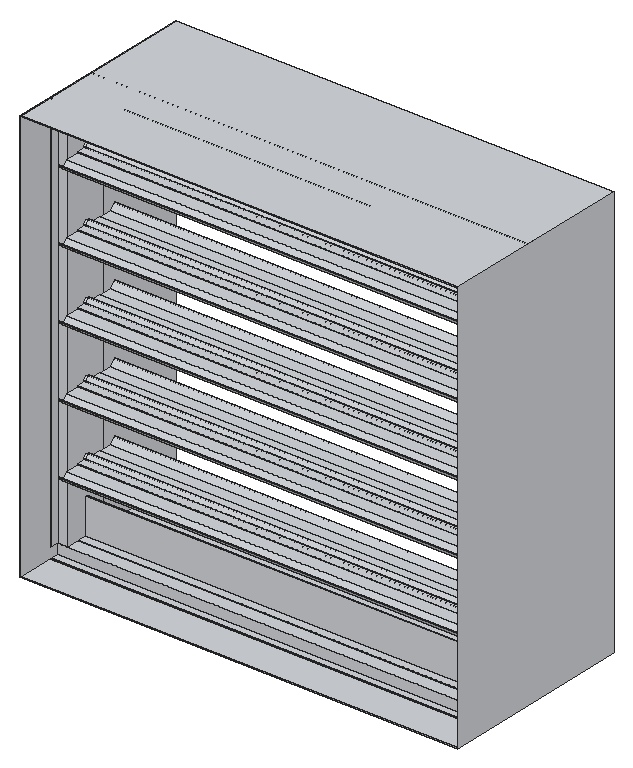
Revit family "S-3V-I, S-3V-II", category Mechanical Equipment, Revit 2015
Parameters
  URL = "http://unitedenertech.com/catalog/pdf/C-1%20%20S-3V-I.pdf"
  Type Comments = "Max. Single Section Size is (36\"w x 48\"h)"
  Model = "S-3V-I, S-3V-II"
  Manufacturer = "United Enertech Corporation"
  Keynote = "FSLF-120 Actuator Shown In the Air Stream, Consult Factory for Out of the Air Stream Placement in Models. See Website for Correct Actuator for Damper Size."
  Exact Width = 3' - 0"
  Exact Height = 2' - 10"
  Description = "Low Leakage Smoke Damper"
  Depth = 1' - 4"
  Blade Spacing = 0' - 5 3/4"
  Blade Number [instance] = rounddown((Exact Height - 0' 3") / Blade Spacing)  # 5
  BW [instance] = Exact Width - 0' 2 1/2"  # 2' - 9 1/2"
Reference planes (in)
  plane 1 "Center (Front/Back)": y = 0
  plane 2: z = 0
  plane 3 "Center (Left/Right)": x = 0
  plane 4: z = 34
  plane 5: x = -18
  plane 6: x = 18
  plane 7: z = 0.0359
  plane 8: z = 33.9641
  plane 9: x = -17.9641
  plane 10: x = 17.9641
  plane 11: y = 13
  plane 12: y = -3
  plane 13: y = 5
  plane 14: z = 0.9348
  plane 15: z = 33.0293
  plane 16: x = -17.0293
  plane 17: x = 17.0293
  plane 18: z = 30.27732
  plane 19: y = 4.3098
  plane 20: z = 32.5
  plane 21: z = 21.4428
  plane 22: z = 30.24218
  plane 23: z = 29.78895
  plane 24: z = 30.97045
Forms (in)
  Extrusion 1, solid
    sketch origin (0, 0, 0) x (1, 0, 0) y (0, 0, 1)
      loop
        line (-17.9641, 33.9641) -> (-17.9641, 0.0359) -> (17.9641, 0.0359) -> (17.9641, 33.9641) -> (-17.9641, 33.9641)
      loop
        line (-18, 34) -> (-18, 0) -> (18, 0) -> (18, 34) -> (-18, 34)
    from -13 to 3
  Extrusion 2, solid
    sketch origin (23.93472, -8.11588, 0) x (1, 0, 0) y (0, 1, 0)
      loop
        line (-41.83902, 8.11588) -> (-41.83902, 8.17568) -> (-41.83902, 8.80608) -> (-40.96402, 8.80608) -> (-40.96402, 12.42568) -> (-41.83902, 12.42568) -> (-41.83902, 13.05608) -> (-41.83902, 13.11588) -> (-41.89882, 13.11588) -> (-41.89882, 12.36588) -> (-41.02382, 12.36588) -> (-41.02382, 8.86588) -> (-41.89882, 8.86588) -> (-41.89882, 8.11588) -> (-41.83902, 8.11588)
    from 0.9348 to 33.0293
  Extrusion 3, solid
    sketch origin (31.96104, -8.11588, 36.89882) x (0, 0, 1) y (0, 1, 0)
      loop
        line (-36.83902, 8.17568) -> (-36.83902, 8.80608) -> (-35.96402, 8.80608) -> (-35.96402, 12.42568) -> (-36.83902, 12.42568) -> (-36.83902, 13.05608) -> (-36.83902, 13.11588) -> (-36.89882, 13.11588) -> (-36.89882, 12.36588) -> (-36.02382, 12.36588) -> (-36.02382, 8.86588) -> (-36.89882, 8.86588) -> (-36.89882, 8.11588) -> (-36.83902, 8.11588) -> (-36.83902, 8.17568)
    from 13.99694 to 49.92514
  Extrusion 4, solid
    sketch origin (26.89178, -38.52709, 32.33205) x (0, -1, 0) y (0, 0, -1)
      loop
        line (-41.02709, -0.19725) -> (-41.02709, -0.69725) -> (-40.27709, -0.69725) -> (-40.27709, -0.61625) -> (-40.94609, -0.61625) -> (-40.94609, -0.19725) -> (-41.02709, -0.19725)
    from -43.92108 to -9.86248
  Extrusion 5, solid
    sketch origin (62.39247, 5.64851, 0.33329) x (0, 1, 0) y (0, 0, 1)
      loop
        line (-3.14851, 3.60151) -> (-3.22663, 3.60151) -> (-3.22663, 0.67964) -> (-3.89851, 0.67964) -> (-3.89851, 0.60151) -> (-3.14851, 0.60151) -> (-3.14851, 3.60151)
    from -79.42177 to -45.36317
  Extrusion 6, solid
    sketch origin (-23.93472, -8.11588, 0) x (-1, 0, 0) y (0, -1, 0)
      loop
        line (-41.83902, -8.11588) -> (-41.89882, -8.11588) -> (-41.89882, -8.86588) -> (-41.02382, -8.86588) -> (-41.02382, -12.36588) -> (-41.89882, -12.36588) -> (-41.89882, -13.11588) -> (-41.83902, -13.11588) -> (-41.83902, -13.05608) -> (-41.83902, -12.42568) -> (-40.96402, -12.42568) -> (-40.96402, -8.80608) -> (-41.83902, -8.80608) -> (-41.83902, -8.17568) -> (-41.83902, -8.11588)
    from 0.9348 to 33.0293
  Extrusion 7, solid
    sketch origin (31.96104, -8.11588, 11.06528) x (0, 0, -1) y (0, -1, 0)
      loop
        line (-22.83902, -8.17568) -> (-22.83902, -8.11588) -> (-22.89882, -8.11588) -> (-22.89882, -8.86588) -> (-22.02382, -8.86588) -> (-22.02382, -12.36588) -> (-22.89882, -12.36588) -> (-22.89882, -13.11588) -> (-22.83902, -13.11588) -> (-22.83902, -13.05608) -> (-22.83902, -12.42568) -> (-21.96402, -12.42568) -> (-21.96402, -8.80608) -> (-22.83902, -8.80608) -> (-22.83902, -8.17568)
    from 13.99694 to 49.92514
  Extrusion 8, solid
    sketch origin (0, 0, 0) x (0, 1, 0) y (0, 0, 1)
      loop
        line (7.9528, 30.24218) -> (7.6668, 30.24218)
        arc (7.6668, 30.24218) -> (7.8098, 29.71875) -> (7.9528, 30.24218) r 0.28125
    from -17.9641 to 17.9641
Dimensions and locks (in)
  "Exact Height": plane 4 to level
  equal spacing: plane 5, plane 3 "Center (Left/Right)", plane 6
  "Exact Width": plane 5 to plane 6
  locked: plane 7 to level at 0.0359
  locked: plane 4 to plane 8 at 0.0359
  locked: plane 5 to plane 9 at 0.0359
  locked: plane 10 to plane 6 at 0.0359
  locked: plane 1 "Center (Front/Back)" to plane 12 at 3
  "Depth": plane 11 to plane 12
  locked: plane 1 "Center (Front/Back)" to plane 13 at 5
  locked: plane 14 to level at 0.9348
  locked: plane 8 to plane 15 at 0.9348
  locked: plane 16 to plane 9 at 0.9348
  locked: plane 10 to plane 17 at 0.9348
  locked: plane 4 to plane 18 at 3.72268
  locked: plane 13 to plane 19 at 0.6902
  locked: plane 4 to plane 20 at 1.5
  locked: plane 4 to plane 21 at 12.5572
  locked: plane 4 to plane 22 at 3.75782
  locked: plane 4 to plane 23 at 4.21105
  equal spacing: group 2, group 3, group 4, group 5, group 6  (x2)
  equal spacing: group 6, group 5, group 4, group 3, group 2
  "Blade Spacing": nested 4 to nested 5
  locked: plane 4 to plane 24 at 3.02955
  aligned and locked: level to plane 2
  aligned and locked: Extrusion 1 sketch curve to plane 4
  aligned and locked: level to Extrusion 1 sketch curve
  aligned and locked: Extrusion 1 sketch curve to plane 5
  aligned and locked: Extrusion 1 sketch curve to plane 6
  aligned and locked: Extrusion 1 sketch curve to plane 8
  aligned and locked: plane 7 to Extrusion 1 sketch curve
  aligned and locked: plane 10 to Extrusion 1 sketch curve
  aligned and locked: plane 9 to Extrusion 1 sketch curve
  aligned and locked: plane 11 to Extrusion 1
  aligned and locked: Extrusion 1 to plane 12
  aligned and locked: Extrusion 2 to plane 9
  aligned and locked: Extrusion 6 to plane 10
  aligned and locked: Extrusion 3 to plane 9
  aligned and locked: Extrusion 3 to plane 10
  aligned and locked: Extrusion 6 to plane 14
  aligned and locked: Extrusion 2 to plane 14
  aligned and locked: plane 8 to Extrusion 7
  aligned and locked: plane 15 to Extrusion 6
  aligned and locked: plane 15 to Extrusion 2
  aligned and locked: Extrusion 7 to plane 9
  aligned and locked: Extrusion 7 to plane 10
  aligned and locked: Extrusion 5 to plane 16
  aligned and locked: plane 17 to Extrusion 5
  aligned and locked: Extrusion 7 to plane 15
  aligned and locked: plane 15 to Extrusion 4
  aligned and locked: Extrusion 4 to plane 16
  aligned and locked: plane 17 to Extrusion 4
  aligned and locked: nested 2 to plane 10
  aligned and locked: plane 9 to nested 3
  aligned and locked: nested 3 to plane 19
  aligned and locked: plane 19 to nested 2
  aligned and locked: Extrusion 8 to plane 10
  aligned and locked: Extrusion 8 to plane 9
  aligned and locked: nested 3 to plane 20
  aligned and locked: plane 20 to nested 2
  aligned and locked: plane 22 to Extrusion 8
  aligned and locked: nested 4 to plane 23
  aligned and locked: nested 4 to plane 3 "Center (Left/Right)"
  aligned and locked: plane 17 to nested 6
  aligned and locked: plane 24 to nested 6
Automatic sketch dimensions
  Extrusion 2 sketch curve to plane 9 = 0' - 0"  (x2)
  plane 1 "Center (Front/Back)" to Extrusion 2 sketch curve = 0' - 0"
  plane 13 to Extrusion 2 sketch curve = 0' - 0"
  plane 9 to Extrusion 2 sketch curve = 0' - 0.0598"  (x2)
  Extrusion 2 sketch curve to Extrusion 2 sketch curve = 0' - 0.8152"
  Extrusion 2 sketch curve to Extrusion 2 sketch curve = 0' - 0.0598"  (x4)
  Extrusion 2 sketch curve to plane 1 "Center (Front/Back)" = 0' - 0.0598"
  Extrusion 2 sketch curve to Extrusion 2 sketch curve = 0' - 0.6304"
  Extrusion 2 sketch curve to Extrusion 2 sketch curve = 0' - 0 3/4"
  Extrusion 3 sketch curve to level = 0' - 0"  (x2)
  Extrusion 3 sketch curve to plane 1 "Center (Front/Back)" = 0' - 0"
  Extrusion 3 sketch curve to plane 13 = 0' - 0"
  Extrusion 3 sketch curve to plane 14 = 0' - 0"
  plane 7 to Extrusion 3 sketch curve = 0' - 0.0239"  (x2)
  Extrusion 3 sketch curve to plane 14 = 0' - 0.0598"
  Extrusion 3 sketch curve to plane 1 "Center (Front/Back)" = 0' - 0.0598"
  Extrusion 3 sketch curve to Extrusion 3 sketch curve = 0' - 0.6304"
  Extrusion 3 sketch curve to Extrusion 3 sketch curve = 0' - 0.0598"  (x2)
  plane 13 to Extrusion 3 sketch curve = 0' - 0 3/4"
  plane 13 to Extrusion 3 sketch curve = 0' - 0.0598"
  Extrusion 4 sketch curve to plane 8 = 0' - 1.4348"
  plane 12 to Extrusion 4 sketch curve = 0' - 5 1/2"
  Extrusion 4 sketch curve to Extrusion 4 sketch curve = 0' - 0.081"  (x2)
  Extrusion 4 sketch curve to Extrusion 4 sketch curve = 0' - 0.669"
  Extrusion 4 sketch curve to Extrusion 4 sketch curve = 0' - 0.419"
  Extrusion 5 sketch curve to plane 14 = 0' - 0"
  plane 14 to Extrusion 5 sketch curve = 0' - 0 5/64"
  plane 12 to Extrusion 5 sketch curve = 0' - 4 3/4"
  Extrusion 5 sketch curve to Extrusion 5 sketch curve = 0' - 0 43/64"
  Extrusion 5 sketch curve to Extrusion 5 sketch curve = 0' - 0 5/64"
  Extrusion 5 sketch curve to Extrusion 5 sketch curve = 0' - 2 59/64"
  Extrusion 6 sketch curve to plane 10 = 0' - 0"  (x2)
  plane 1 "Center (Front/Back)" to Extrusion 6 sketch curve = 0' - 0"
  plane 13 to Extrusion 6 sketch curve = 0' - 0"
  Extrusion 6 sketch curve to plane 10 = 0' - 0.0598"  (x2)
  Extrusion 6 sketch curve to Extrusion 6 sketch curve = 0' - 0.8152"
  Extrusion 6 sketch curve to Extrusion 6 sketch curve = 0' - 0.0598"  (x3)
  plane 1 "Center (Front/Back)" to Extrusion 6 sketch curve = 0' - 0.0598"
  Extrusion 6 sketch curve to Extrusion 6 sketch curve = 0' - 0.6304"
  Extrusion 6 sketch curve to plane 13 = 0' - 0 3/4"
  Extrusion 6 sketch curve to plane 13 = 0' - 0.0598"
  Extrusion 7 sketch curve to plane 1 "Center (Front/Back)" = 0' - 0"
  Extrusion 7 sketch curve to plane 13 = 0' - 0"
  plane 13 to Extrusion 7 sketch curve = 0' - 0 3/4"
  Extrusion 7 sketch curve to plane 8 = 0' - 0"
  Extrusion 7 sketch curve to Extrusion 7 sketch curve = 0' - 0"
  Extrusion 7 sketch curve to Extrusion 7 sketch curve = 0' - 0.0598"  (x6)
  Extrusion 7 sketch curve to Extrusion 7 sketch curve = 0' - 0.8152"
  Extrusion 7 sketch curve to plane 1 "Center (Front/Back)" = 0' - 0 3/4"
  Extrusion 7 sketch curve to plane 1 "Center (Front/Back)" = 0' - 0.0598"
  Extrusion 8 sketch curve to plane 18 = 0' - 0.27732"
  Extrusion 8 sketch curve to plane 13 = 0' - 2.8098"
  Extrusion 8 sketch curve to plane 18 = 0' - 0 9/256"
  Extrusion 8 sketch curve to Extrusion 8 sketch curve = 0' - 0.143"
Nested families (in)
  nested 1: "160BL" at (62.39247, -25.11688, 30.67097), type "160BL", not visible
    with Blade Width 2' - 9 1/2"
  nested 2: "Fire Smoke Actuator Bracket" at (18.23913, 4.3098, 31.56141) x (0, 0, 1) z (0, 1, 0), type "Fire Smoke Actuator Bracket"
  nested 3: "Fire Smoke Actuator Bracket" at (-18.23913, 4.3098, 31.56141) x (0, 0, 1) z (0, 1, 0), type "Fire Smoke Actuator Bracket"
  nested 4: "3VBLADE" at (0, -1.33126, 28.20661), type "3VBLADE"
    with Blade Width 2' - 9 1/2"
  nested 5: "3VBLADE" at (0, -1.33126, 22.45661), type "3VBLADE"
    with Blade Width 2' - 9 1/2"
  nested 6: "FSLF-120" at (14.8204, 12.99816, 22.76305), type "FSLF-120"
  nested 7: "3VBLADE" at (0, -1.33126, 16.70661), type "3VBLADE"
    with Blade Width 2' - 9 1/2"
  nested 8: "3VBLADE" at (0, -1.33126, 10.95661), type "3VBLADE"
    with Blade Width 2' - 9 1/2"
  nested 9: "3VBLADE" at (0, -1.33126, 5.20661), type "3VBLADE"
    with Blade Width 2' - 9 1/2"
Definition of nested family "160BL"
  Parameters (values of type "160BL")
    Blade Width = 2' - 0"
  Reference planes (in)
    plane 1 "Center (Front/Back)": y = 0
    plane 2: z = 0
    plane 3 "Center (Left/Right)": x = 0
    plane 4: x = -12
    plane 5: x = 12
    plane 6: x = 13
    plane 7: x = 10
    plane 8: x = -10
    plane 9: x = -13
  Forms (in)
    Extrusion 1, solid
      sketch origin (-29.66395, -41.88595, -4.51752) x (0, -1, 0) y (0, 0, -1)
        loop
          line (-42.3214, -5.69562) -> (-42.3214, -6.04405) -> (-41.94647, -6.04405) -> (-41.94647, -5.69562) -> (-42.3214, -5.69562)
      from 39.66395 to 42.66395
    Extrusion 2, solid
      sketch origin (-29.66395, -42.01854, -6.8342) x (0, -1, 0) y (0, 0, -1)
        loop
          line (-43.46599, -7.97904) -> (-43.51899, -7.97904) -> (-43.51899, -8.39235) -> (-42.90411, -8.41377) -> (-42.50696, -8.41377) -> (-42.50696, -8.36074) -> (-42.90411, -8.36074) -> (-43.46599, -8.34116) -> (-43.46599, -7.97904)
      from 17.66395 to 41.66395
    Extrusion 3, solid
      sketch origin (-29.66395, -42.01854, -6.8342) x (0, -1, 0) y (0, 0, -1)
        loop
          line (-43.41296, -8.32667) -> (-43.41296, -8.03022) -> (-42.89933, -8.01224) -> (-42.50696, -8.01224) -> (-42.50696, -8.41377) -> (-42.02598, -8.41377) -> (-42.02598, -8.0123) -> (-41.62883, -8.0123) -> (-41.11996, -8.03003) -> (-41.11996, -8.32648) -> (-41.06699, -8.32648) -> (-41.06699, -7.97904) -> (-41.63442, -7.95927) -> (-42.07906, -7.95927) -> (-42.07906, -8.36074) -> (-42.45398, -8.36074) -> (-42.45398, -7.95927) -> (-42.90119, -7.95927) -> (-43.46596, -7.97904) -> (-43.46596, -8.32667) -> (-43.41296, -8.32667)
      from 17.66395 to 41.66395
    Extrusion 4, solid
      sketch origin (-29.66395, -42.01854, -6.8342) x (0, -1, 0) y (0, 0, -1)
        loop
          line (-42.45398, -7.95927) -> (-42.45398, -8.01224) -> (-42.07906, -8.01224) -> (-42.07906, -7.95927) -> (-42.45398, -7.95927)
      from 17.66395 to 41.66395
    Extrusion 5, solid
      sketch origin (-29.66395, -42.01854, -6.8342) x (0, -1, 0) y (0, 0, -1)
        loop
          line (-41.06705, -7.97904) -> (-41.06705, -8.34116) -> (-41.62893, -8.36074) -> (-42.02598, -8.36074) -> (-42.02598, -8.41377) -> (-41.62893, -8.41377) -> (-41.01405, -8.39235) -> (-41.01405, -7.97904) -> (-41.06705, -7.97904)
      from 17.66395 to 41.66395
    Extrusion 6, solid
      sketch origin (-29.66395, -42.01854, -6.8342) x (0, -1, 0) y (0, 0, -1)
        loop
          line (-45.11444, -8.04212) -> (-45.14143, -8.06102) -> (-45.14143, -8.15472) -> (-43.65311, -8.44766) -> (-43.61881, -8.3631) -> (-43.58593, -8.44056) -> (-40.94517, -8.44056) -> (-40.91325, -8.36156) -> (-40.87962, -8.44109) -> (-40.06454, -8.37558) -> (-40.01199, -8.16476) -> (-39.44168, -8.27557) -> (-39.41851, -8.2524) -> (-40.03184, -8.13323) -> (-40.08641, -8.35172) -> (-40.86, -8.41376) -> (-40.88095, -8.33556) -> (-40.94478, -8.33556) -> (-40.96652, -8.41377) -> (-43.56615, -8.41377) -> (-43.58705, -8.33578) -> (-43.65168, -8.33578) -> (-43.67323, -8.41619) -> (-45.11444, -8.13252) -> (-45.11444, -8.04212)
      from 17.66395 to 41.66395
    Extrusion 7, solid
      sketch origin (-29.66395, 42.51351, 9.53877) x (0, 1, 0) y (0, 0, 1)
        loop
          line (-45.11444, -8.04212) -> (-45.14143, -8.06102) -> (-45.14143, -8.15472) -> (-43.65311, -8.44766) -> (-43.61881, -8.3631) -> (-43.58593, -8.44056) -> (-40.94517, -8.44056) -> (-40.91325, -8.36156) -> (-40.87962, -8.44109) -> (-40.06454, -8.37558) -> (-40.01199, -8.16476) -> (-39.44168, -8.27557) -> (-39.41851, -8.2524) -> (-40.03184, -8.13323) -> (-40.08641, -8.35172) -> (-40.86, -8.41376) -> (-40.88095, -8.33556) -> (-40.94478, -8.33556) -> (-40.96652, -8.41377) -> (-43.56615, -8.41377) -> (-43.58705, -8.33578) -> (-43.65168, -8.33578) -> (-43.67323, -8.41619) -> (-45.11444, -8.13252) -> (-45.11444, -8.04212)
      from 17.66395 to 41.66395
    Extrusion 8, solid
      sketch origin (-63.16395, -41.88595, -4.51752) x (0, -1, 0) y (0, 0, -1)
        loop
          line (-42.3214, -5.69562) -> (-42.3214, -6.04405) -> (-41.94647, -6.04405) -> (-41.94647, -5.69562) -> (-42.3214, -5.69562)
      from 50.16395 to 53.16395
  Dimensions and locks (in)
    equal spacing: plane 4, plane 3 "Center (Left/Right)", plane 5
    "Blade Width": plane 4 to plane 5
    locked: plane 7 to plane 5 at 2
    locked: plane 5 to plane 6 at 1
    locked: plane 4 to plane 8 at 2
    locked: plane 9 to plane 4 at 1
    aligned and locked: level to plane 2
    aligned and locked: plane 5 to Extrusion 6
    aligned and locked: plane 5 to Extrusion 7
    aligned and locked: plane 5 to Extrusion 5
    aligned and locked: plane 5 to Extrusion 3
    aligned and locked: plane 5 to Extrusion 2
    aligned and locked: Extrusion 1 to plane 6
    aligned and locked: plane 5 to Extrusion 4
    aligned and locked: plane 7 to Extrusion 1
    aligned and locked: Extrusion 8 to plane 9
    aligned and locked: Extrusion 8 to plane 8
    aligned and locked: plane 4 to Extrusion 6
    aligned and locked: plane 4 to Extrusion 7
    aligned and locked: plane 4 to Extrusion 2
    aligned and locked: plane 4 to Extrusion 3
    aligned and locked: plane 4 to Extrusion 5
    aligned and locked: plane 4 to Extrusion 4
  Automatic sketch dimensions
    Extrusion 1 sketch curve to plane 1 "Center (Front/Back)" = 0' - 0.43545"
    Extrusion 1 sketch curve to plane 1 "Center (Front/Back)" = 0' - 0.06052"
    level to Extrusion 1 sketch curve = 0' - 1.52654"
    Extrusion 1 sketch curve to Extrusion 1 sketch curve = 0' - 0.34843"
    Extrusion 2 sketch curve to plane 1 "Center (Front/Back)" = 0' - 1.50045"
    Extrusion 2 sketch curve to Extrusion 2 sketch curve = 0' - 0.053"
    Extrusion 2 sketch curve to Extrusion 2 sketch curve = 0' - 0.56188"
    Extrusion 2 sketch curve to Extrusion 2 sketch curve = 0' - 0"
    Extrusion 2 sketch curve to Extrusion 2 sketch curve = 0' - 0.39715"
    level to Extrusion 2 sketch curve = 0' - 1.57957"
    Extrusion 2 sketch curve to Extrusion 2 sketch curve = 0' - 0.02142"
    Extrusion 2 sketch curve to Extrusion 2 sketch curve = 0' - 0.05303"
    Extrusion 2 sketch curve to Extrusion 2 sketch curve = 0' - 0.05119"
    Extrusion 2 sketch curve to Extrusion 2 sketch curve = 0' - 0.36212"
    Extrusion 3 sketch curve to plane 1 "Center (Front/Back)" = 0' - 1.44742"
    Extrusion 3 sketch curve to Extrusion 3 sketch curve = 0' - 0.053"
    Extrusion 3 sketch curve to Extrusion 3 sketch curve = 0' - 0.51177"
    Extrusion 3 sketch curve to Extrusion 3 sketch curve = 0' - 0.00185"
    Extrusion 3 sketch curve to plane 1 "Center (Front/Back)" = 0' - 0.48842"
    Extrusion 3 sketch curve to Extrusion 3 sketch curve = 0' - 0.05297"  (x3)
    Extrusion 3 sketch curve to plane 1 "Center (Front/Back)" = 0' - 0.06052"
    Extrusion 3 sketch curve to plane 1 "Center (Front/Back)" = 0' - 0.00745"
    plane 1 "Center (Front/Back)" to Extrusion 3 sketch curve = 0' - 0.38411"
    Extrusion 3 sketch curve to Extrusion 3 sketch curve = 0' - 0.00559"
    Extrusion 3 sketch curve to Extrusion 3 sketch curve = 0' - 0.50887"
    level to Extrusion 3 sketch curve = 0' - 1.57957"
    Extrusion 3 sketch curve to Extrusion 3 sketch curve = 0' - 0.05303"  (x2)
    Extrusion 3 sketch curve to Extrusion 3 sketch curve = 0' - 0.0871"
    Extrusion 3 sketch curve to Extrusion 3 sketch curve = 0' - 0.08729"
    Extrusion 3 sketch curve to Extrusion 3 sketch curve = 0' - 0.29645"  (x2)
    Extrusion 3 sketch curve to Extrusion 3 sketch curve = 0' - 0.34843"
    Extrusion 3 sketch curve to Extrusion 3 sketch curve = 0' - 0.01798"
    Extrusion 3 sketch curve to Extrusion 3 sketch curve = 0' - 0.05099"
    Extrusion 3 sketch curve to Extrusion 3 sketch curve = 0' - 0.05118"
    Extrusion 4 sketch curve to plane 1 "Center (Front/Back)" = 0' - 0.43545"
    Extrusion 4 sketch curve to plane 1 "Center (Front/Back)" = 0' - 0.06052"
    level to Extrusion 4 sketch curve = 0' - 1.17804"
    Extrusion 4 sketch curve to Extrusion 4 sketch curve = 0' - 0.05297"
    Extrusion 5 sketch curve to plane 1 "Center (Front/Back)" = 0' - 0.00745"
    plane 1 "Center (Front/Back)" to Extrusion 5 sketch curve = 0' - 0.3896"
    Extrusion 5 sketch curve to Extrusion 5 sketch curve = 0' - 0"
    Extrusion 5 sketch curve to Extrusion 5 sketch curve = 0' - 0.56188"
    Extrusion 5 sketch curve to Extrusion 5 sketch curve = 0' - 0.053"
    level to Extrusion 5 sketch curve = 0' - 1.57957"
    Extrusion 5 sketch curve to Extrusion 5 sketch curve = 0' - 0.02142"
    Extrusion 5 sketch curve to Extrusion 5 sketch curve = 0' - 0.05303"
    Extrusion 5 sketch curve to Extrusion 5 sketch curve = 0' - 0.05119"
    Extrusion 5 sketch curve to Extrusion 5 sketch curve = 0' - 0.36212"
    level to Extrusion 6 sketch curve = 0' - 1.32052"
    Extrusion 6 sketch curve to plane 1 "Center (Front/Back)" = 0' - 3.12289"
    level to Extrusion 6 sketch curve = 0' - 1.20792"
    Extrusion 6 sketch curve to Extrusion 6 sketch curve = 0' - 0.02699"
    Extrusion 6 sketch curve to Extrusion 6 sketch curve = 0' - 1.44121"
    Extrusion 6 sketch curve to Extrusion 6 sketch curve = 0' - 0.02012"
    Extrusion 6 sketch curve to Extrusion 6 sketch curve = 0' - 0.02155"
    Extrusion 6 sketch curve to Extrusion 6 sketch curve = 0' - 0.03287"
    Extrusion 6 sketch curve to Extrusion 6 sketch curve = 0' - 0.03176"
    Extrusion 6 sketch curve to Extrusion 6 sketch curve = 0' - 0.06717"
    Extrusion 6 sketch curve to Extrusion 6 sketch curve = 0' - 0.01978"
    plane 1 "Center (Front/Back)" to Extrusion 6 sketch curve = 0' - 1.05202"
    Extrusion 6 sketch curve to Extrusion 6 sketch curve = 0' - 0.02136"
    Extrusion 6 sketch curve to Extrusion 6 sketch curve = 0' - 0.02174"
    Extrusion 6 sketch curve to Extrusion 6 sketch curve = 0' - 0.03153"  (x2)
    Extrusion 6 sketch curve to Extrusion 6 sketch curve = 0' - 0.0323"
    Extrusion 6 sketch curve to Extrusion 6 sketch curve = 0' - 0.06554"
    Extrusion 6 sketch curve to Extrusion 6 sketch curve = 0' - 0.01963"
    Extrusion 6 sketch curve to Extrusion 6 sketch curve = 0' - 0.77359"
    Extrusion 6 sketch curve to Extrusion 6 sketch curve = 0' - 0.02187"
    Extrusion 6 sketch curve to Extrusion 6 sketch curve = 0' - 0.05457"
    Extrusion 6 sketch curve to Extrusion 6 sketch curve = 0' - 0.01985"
    Extrusion 6 sketch curve to Extrusion 6 sketch curve = 0' - 0 73/128"
    Extrusion 6 sketch curve to Extrusion 6 sketch curve = 0' - 0.02317"  (x2)
    level to Extrusion 6 sketch curve = 0' - 1.33056"
    Extrusion 6 sketch curve to Extrusion 6 sketch curve = 0' - 0.08764"
    Extrusion 6 sketch curve to Extrusion 6 sketch curve = 0' - 0.1708"
    level to Extrusion 6 sketch curve = 0' - 1.50158"
    Extrusion 6 sketch curve to Extrusion 6 sketch curve = 0' - 0.18696"
    Extrusion 6 sketch curve to Extrusion 6 sketch curve = 0' - 0.02601"
    Extrusion 6 sketch curve to Extrusion 6 sketch curve = 0' - 0 7/256"  (x2)
    Extrusion 6 sketch curve to Extrusion 6 sketch curve = 0' - 0.02386"
    Extrusion 6 sketch curve to Extrusion 6 sketch curve = 0' - 0.05219"
    Extrusion 6 sketch curve to Extrusion 6 sketch curve = 0' - 0.05067"
    Extrusion 6 sketch curve to Extrusion 6 sketch curve = 0' - 0.05309"
    Extrusion 6 sketch curve to Extrusion 6 sketch curve = 0' - 0.02679"
    Extrusion 6 sketch curve to Extrusion 6 sketch curve = 0' - 0.03147"
    Extrusion 6 sketch curve to Extrusion 6 sketch curve = 0' - 0.0222"
    Extrusion 6 sketch curve to Extrusion 6 sketch curve = 0' - 0.0189"
    plane 1 "Center (Front/Back)" to Extrusion 7 sketch curve = 0' - 2.62792"
    Extrusion 7 sketch curve to Extrusion 7 sketch curve = 0' - 0.02699"
    plane 1 "Center (Front/Back)" to Extrusion 7 sketch curve = 0' - 1.15972"
    Extrusion 7 sketch curve to Extrusion 7 sketch curve = 0' - 0.02012"
    Extrusion 7 sketch curve to Extrusion 7 sketch curve = 0' - 0.02155"
    Extrusion 7 sketch curve to Extrusion 7 sketch curve = 0' - 0.03287"
    Extrusion 7 sketch curve to Extrusion 7 sketch curve = 0' - 0.03176"
    Extrusion 7 sketch curve to Extrusion 7 sketch curve = 0' - 0.06717"
    Extrusion 7 sketch curve to Extrusion 7 sketch curve = 0' - 0.01978"
    Extrusion 7 sketch curve to plane 1 "Center (Front/Back)" = 0' - 1.54699"
    Extrusion 7 sketch curve to Extrusion 7 sketch curve = 0' - 0.02136"
    Extrusion 7 sketch curve to Extrusion 7 sketch curve = 0' - 0.02174"
    Extrusion 7 sketch curve to Extrusion 7 sketch curve = 0' - 0.03153"  (x2)
    Extrusion 7 sketch curve to Extrusion 7 sketch curve = 0' - 0.0323"
    Extrusion 7 sketch curve to Extrusion 7 sketch curve = 0' - 0.06554"
    Extrusion 7 sketch curve to Extrusion 7 sketch curve = 0' - 0.01963"
    level to Extrusion 7 sketch curve = 0' - 1.18705"
    Extrusion 7 sketch curve to Extrusion 7 sketch curve = 0' - 0.77359"
    level to Extrusion 7 sketch curve = 0' - 1.16319"
    Extrusion 7 sketch curve to Extrusion 7 sketch curve = 0' - 0.02187"
    Extrusion 7 sketch curve to Extrusion 7 sketch curve = 0' - 0.05457"
    Extrusion 7 sketch curve to Extrusion 7 sketch curve = 0' - 0.01985"
    level to Extrusion 7 sketch curve = 0' - 1.2632"
    Extrusion 7 sketch curve to Extrusion 7 sketch curve = 0' - 0 73/128"
    level to Extrusion 7 sketch curve = 0' - 1.28637"
    Extrusion 7 sketch curve to Extrusion 7 sketch curve = 0' - 0.02317"
    Extrusion 7 sketch curve to Extrusion 7 sketch curve = 0' - 0.06204"
    level to Extrusion 7 sketch curve = 0' - 1 1/8"
    Extrusion 7 sketch curve to Extrusion 7 sketch curve = 0' - 0.00242"
    Extrusion 7 sketch curve to Extrusion 7 sketch curve = 0' - 0.02679"
    Extrusion 7 sketch curve to Extrusion 7 sketch curve = 0' - 0 7/256"  (x2)
    Extrusion 7 sketch curve to Extrusion 7 sketch curve = 0' - 0.03147"
    Extrusion 7 sketch curve to Extrusion 7 sketch curve = 0' - 0.05067"
    Extrusion 7 sketch curve to Extrusion 7 sketch curve = 0' - 0.05219"
    Extrusion 7 sketch curve to Extrusion 7 sketch curve = 0' - 0.02601"
    Extrusion 7 sketch curve to Extrusion 7 sketch curve = 0' - 0.18696"
    level to Extrusion 7 sketch curve = 0' - 1.38405"
    Extrusion 7 sketch curve to Extrusion 7 sketch curve = 0' - 0.0222"
    Extrusion 7 sketch curve to Extrusion 7 sketch curve = 0' - 0.07151"
    Extrusion 7 sketch curve to Extrusion 7 sketch curve = 0' - 0.0189"
    Extrusion 8 sketch curve to plane 1 "Center (Front/Back)" = 0' - 0.43545"
    Extrusion 8 sketch curve to plane 1 "Center (Front/Back)" = 0' - 0.06052"
    level to Extrusion 8 sketch curve = 0' - 1.52654"
    Extrusion 8 sketch curve to Extrusion 8 sketch curve = 0' - 0.34843"
Definition of nested family "Fire Smoke Actuator Bracket"
  Reference planes (in)
    plane 1 "Center (Front/Back)": y = 0
    plane 2: z = 0
    plane 3 "Center (Left/Right)": x = 0
  Forms (in)
    Extrusion 1, solid
      sketch origin (54.09185, -14.49387, 0) x (1, 0, 0) y (0, 1, 0)
        loop
          line (-53.15326, 14.21883) -> (-53.90326, 14.21883) -> (-53.90326, 14.00399) -> (-57.40326, 14.00399) -> (-57.40326, 14.21883) -> (-58.15326, 14.21883) -> (-58.15326, 14.18293) -> (-57.43842, 14.18293) -> (-57.43842, 13.96883) -> (-53.8681, 13.96883) -> (-53.8681, 14.18293) -> (-53.15326, 14.18293) -> (-53.15326, 14.21883)
      from 0 to 5
    Extrusion 2, void
      sketch origin (0, 0, 0) x (1, 0, 0) y (0, 0, 1)
        loop
          circle (-1.56141, 3.5) r 0.28125
      from 0 to 1.04299
  Cuts and joins
    Extrusion 2 cuts Extrusion 1
  Dimensions and locks (in)
    aligned and locked: level to plane 2
Definition of nested family "3VBLADE"
  Parameters (values of type "3VBLADE")
    Blade Width = 2' - 0"
  Reference planes (in)
    plane 1 "Center (Front/Back)": y = 0
    plane 2: z = 0
    plane 3 "Center (Left/Right)": x = 0
    plane 4: x = -12
    plane 5: x = 12
    plane 6: x = -12.5
    plane 7: x = 12.5
  Forms (in)
    Extrusion 1, solid
      sketch origin (0, 0, 0) x (0, 1, 0) y (0, 0, 1)
        loop
          line (-0.70195, 1.51199) -> (-0.74444, 1.55448) -> (-1.14666, 1.15225) -> (-1.57675, 1.58234) -> (-3.40117, 1.58234) -> (-3.83126, 1.15225) -> (-4.26135, 1.58234) -> (-6.06088, 1.58234) -> (-6.51586, 2.03732) -> (-6.96057, 1.59261) -> (-6.91809, 1.55012) -> (-6.51586, 1.95235) -> (-6.08577, 1.52226) -> (-4.28624, 1.52226) -> (-3.83126, 1.06728) -> (-3.37629, 1.52226) -> (-1.60164, 1.52226) -> (-1.14666, 1.06728) -> (-0.70195, 1.51199)
      from -12 to 12
    Extrusion 2, solid
      sketch origin (0, 0, 0) x (0, 1, 0) y (0, 0, 1)
        loop
          line (-3.56573, 1.61238) -> (-3.83126, 1.87791) -> (-4.09679, 1.61238) -> (-3.83126, 1.34685) -> (-3.56573, 1.61238)
      from -12.5 to 12.5
    Extrusion 3, solid
      sketch origin (0, 0, 0) x (0, 1, 0) y (0, 0, 1)
        loop
          line (-2.71072, 1.58234) -> (-2.71072, 1.64242) -> (-3.53569, 1.64242) -> (-3.83126, 1.34685) -> (-4.12683, 1.64242) -> (-4.95181, 1.64242) -> (-4.95181, 1.58234) -> (-4.15172, 1.58234) -> (-3.83126, 1.26188) -> (-3.5108, 1.58234) -> (-2.71072, 1.58234)
      from -12 to 12
    Extrusion 4, solid
      sketch origin (0, 0, 0) x (0, 1, 0) y (0, 0, 1)
        loop
          line (-3.56573, 1.61238) -> (-3.51056, 1.64218) -> (-3.83126, 1.96288) -> (-4.15196, 1.64218) -> (-4.09679, 1.61238) -> (-3.83126, 1.87791) -> (-3.56573, 1.61238)
      from -12 to 12
  Dimensions and locks (in)
    equal spacing: plane 4, plane 3 "Center (Left/Right)", plane 5
    "Blade Width": plane 4 to plane 5
    locked: plane 5 to plane 7 at 0.5
    locked: plane 6 to plane 4 at 0.5
    aligned and locked: level to plane 2
    aligned and locked: plane 4 to Extrusion 1
    aligned and locked: plane 5 to Extrusion 1
    aligned and locked: plane 5 to Extrusion 3
    aligned and locked: plane 4 to Extrusion 3
    aligned and locked: plane 5 to Extrusion 4
    aligned and locked: Extrusion 2 to plane 7
    aligned and locked: plane 4 to Extrusion 4
    aligned and locked: plane 6 to Extrusion 2
  Automatic sketch dimensions
    plane 1 "Center (Front/Back)" to Extrusion 1 sketch curve = 0' - 0.70195"
    level to Extrusion 1 sketch curve = 0' - 1.51199"
    Extrusion 1 sketch curve to Extrusion 1 sketch curve = 0' - 0.04248"
    Extrusion 1 sketch curve to Extrusion 1 sketch curve = 0' - 0.44471"  (x2)
    Extrusion 1 sketch curve to Extrusion 1 sketch curve = 0' - 0"  (x2)
    level to Extrusion 1 sketch curve = 0' - 1.52226"  (x2)
    Extrusion 1 sketch curve to Extrusion 1 sketch curve = 0' - 0.02489"  (x2)
    Extrusion 1 sketch curve to Extrusion 1 sketch curve = 0' - 1.77464"
    level to Extrusion 1 sketch curve = 0' - 1.15225"
    Extrusion 1 sketch curve to Extrusion 1 sketch curve = 0' - 0.45498"
    level to Extrusion 1 sketch curve = 0' - 1.06728"
    Extrusion 1 sketch curve to Extrusion 1 sketch curve = 0' - 1.79953"
    level to Extrusion 1 sketch curve = 0' - 1.95235"
    Extrusion 1 sketch curve to Extrusion 1 sketch curve = 0' - 0.43009"
    level to Extrusion 1 sketch curve = 0' - 1.55012"
    level to Extrusion 1 sketch curve = 0' - 1.59261"
    level to Extrusion 1 sketch curve = 0' - 2.03732"
    level to Extrusion 1 sketch curve = 0' - 1.58234"
    plane 1 "Center (Front/Back)" to Extrusion 2 sketch curve = 0' - 4.09679"
    Extrusion 2 sketch curve to Extrusion 2 sketch curve = 0' - 0.26553"  (x3)
    level to Extrusion 2 sketch curve = 0' - 1.34685"
    plane 1 "Center (Front/Back)" to Extrusion 3 sketch curve = 0' - 2.71072"
    level to Extrusion 3 sketch curve = 0' - 1.64242"  (x2)
    Extrusion 3 sketch curve to Extrusion 3 sketch curve = 0' - 0.82497"  (x2)
    Extrusion 3 sketch curve to Extrusion 3 sketch curve = 0' - 0.06008"
    Extrusion 3 sketch curve to Extrusion 3 sketch curve = 0' - 0.02489"  (x2)
    level to Extrusion 3 sketch curve = 0' - 1.26188"
    Extrusion 3 sketch curve to Extrusion 3 sketch curve = 0' - 0.32046"
    level to Extrusion 3 sketch curve = 0' - 1.34685"
    Extrusion 3 sketch curve to Extrusion 3 sketch curve = 0' - 0"
    plane 1 "Center (Front/Back)" to Extrusion 4 sketch curve = 0' - 3.83126"
    level to Extrusion 4 sketch curve = 0' - 1.87791"
    Extrusion 4 sketch curve to Extrusion 4 sketch curve = 0' - 0"
    level to Extrusion 4 sketch curve = 0' - 1.61238"  (x2)
    Extrusion 4 sketch curve to Extrusion 4 sketch curve = 0' - 0.26553"
    Extrusion 4 sketch curve to Extrusion 4 sketch curve = 0' - 0.05517"  (x2)
    Extrusion 4 sketch curve to Extrusion 4 sketch curve = 0' - 0.08497"
    level to Extrusion 4 sketch curve = 0' - 1.64218"
Definition of nested family "FSLF-120"
  Reference planes (in)
    plane 1 "Center (Front/Back)": y = 0
    plane 2: z = 0
    plane 3 "Center (Left/Right)": x = 0
  Forms (in)
    Extrusion 1, solid
      sketch origin (0, 0, 0) x (0, 1, 0) y (0, 0, 1)
        loop
          arc (-3.58331, 2.09938) -> (-3.44059, 2.1585) -> (-3.38147, 2.30122) r 0.20184
          line (-3.38147, 2.30122) -> (-3.38147, 7.89928)
          arc (-3.38147, 7.89928) -> (-3.44059, 8.042) -> (-3.58331, 8.10111) r 0.20184
          line (-3.58331, 8.10111) -> (-6.82752, 8.10111)
          arc (-6.82752, 8.10111) -> (-6.97024, 8.042) -> (-7.02936, 7.89928) r 0.20184
          line (-7.02936, 7.89928) -> (-7.02936, 2.30122)
          arc (-7.02936, 2.30122) -> (-6.97024, 2.1585) -> (-6.82752, 2.09938) r 0.20184
          line (-6.82752, 2.09938) -> (-3.58331, 2.09938)
        loop
          circle (-4.59401, 4.1698) r 0.10344
        loop
          circle (-5.18836, 7.24712) r 0.27109
      from 0 to 2.0647
    Extrusion 2, solid
      sketch origin (0, 0, 0) x (0, 1, 0) y (0, 0, 1)
        loop
          line (-5.07889, 1.84303) -> (-5.07889, 1.35428)
          arc (-5.07889, 1.35428) -> (-4.1161, 1.55637) -> (-3.27519, 2.06694) r 2.91799
          line (-3.27519, 2.06694) -> (-3.27519, 7.89928)
          arc (-3.27519, 7.89928) -> (-3.36543, 8.11715) -> (-3.58331, 8.2074) r 0.30812
          line (-3.58331, 8.2074) -> (-6.82752, 8.2074)
          arc (-6.82752, 8.2074) -> (-7.0454, 8.11715) -> (-7.13564, 7.89928) r 0.30812
          line (-7.13564, 7.89928) -> (-7.13564, 2.09702)
          arc (-7.13564, 2.09702) -> (-6.28174, 1.56481) -> (-5.29782, 1.35428) r 2.91799
          line (-5.29782, 1.35428) -> (-5.29782, 1.84303)
          arc (-5.29782, 1.84303) -> (-5.18836, 1.95249) -> (-5.07889, 1.84303) r 0.10947
        loop
          circle (-4.59401, 4.1698) r 0.28363
        loop
          circle (-5.18836, 7.24712) r 0.27109
      from 0 to -0.1442
    Extrusion 3, solid
      sketch origin (0, 0, 0) x (0, 1, 0) y (0, 0, 1)
        loop
          line (-5.07889, 1.84303) -> (-5.07889, 1.35428)
          arc (-5.07889, 1.35428) -> (-4.1161, 1.55637) -> (-3.27519, 2.06694) r 2.91799
          line (-3.27519, 2.06694) -> (-3.27519, 7.89928)
          arc (-3.27519, 7.89928) -> (-3.36543, 8.11715) -> (-3.58331, 8.2074) r 0.30812
          line (-3.58331, 8.2074) -> (-6.82752, 8.2074)
          arc (-6.82752, 8.2074) -> (-7.0454, 8.11715) -> (-7.13564, 7.89928) r 0.30812
          line (-7.13564, 7.89928) -> (-7.13564, 2.09702)
          arc (-7.13564, 2.09702) -> (-6.28174, 1.56481) -> (-5.29782, 1.35428) r 2.91799
          line (-5.29782, 1.35428) -> (-5.29782, 1.84303)
          arc (-5.29782, 1.84303) -> (-5.18836, 1.95249) -> (-5.07889, 1.84303) r 0.10947
        loop
          circle (-4.59401, 4.1698) r 0.28363
        loop
          circle (-5.18836, 7.24712) r 0.27109
      from 2.2089 to 2.0647
    Revolve 4, solid
      sketch origin (0.70002, 0, 0) x (0, 1, 0) y (0, 0, 1)
        loop
          line (-4.0031, 0.95098) -> (-3.92703, 0.95098) -> (-3.92703, 1.1774) -> (-3.48966, 1.1774) -> (-3.48966, 2.15927) -> (-4.0031, 2.15927) -> (-4.0031, 0.95098)
        axis (-4.0031, 0.95098) -> (-4.0031, 2.15927)
      angle from 0 to 360
    Revolve 5, solid
      sketch origin (0.70002, -10.37672, 0) x (0, -1, 0) y (0, 0, -1)
        loop
          line (-4.0031, -0.95098) -> (-4.0031, -2.15927) -> (-3.48966, -2.15927) -> (-3.48966, -1.1774) -> (-3.92703, -1.1774) -> (-3.92703, -0.95098) -> (-4.0031, -0.95098)
        axis (-4.0031, -0.95098) -> (-4.0031, -2.15927)
      angle from 0 to 360
    Extrusion 6, solid
      sketch origin (0, 0, 0) x (0, 1, 0) y (0, 0, 1)
        loop
          circle (-5.18836, 7.24712) r 0.54048
        loop
          circle (-5.18836, 7.24712) r 0.27109
      from 2.4389 to -0.3742
    Extrusion 7, solid
      sketch origin (0, 0, 0) x (0, 1, 0) y (0, 0, 1)
        loop
          line (-3.91306, 6.71864) -> (-3.7518, 6.90501) -> (-4.82025, 7.82944)
          arc (-4.82025, 7.82944) -> (-4.90724, 7.87836) -> (-5.00644, 7.88936) r 0.25
          line (-5.00644, 7.88936) -> (-5.62705, 7.83298)
          arc (-5.62705, 7.83298) -> (-5.79594, 7.74469) -> (-5.85355, 7.56303) r 0.25
          line (-5.85355, 7.56303) -> (-5.80333, 6.9664)
          arc (-5.80333, 6.9664) -> (-5.77611, 6.8722) -> (-5.71475, 6.79572) r 0.25
          line (-5.71475, 6.79572) -> (-4.62328, 5.88139) -> (-4.46502, 6.07031) -> (-5.47779, 6.9187)
          arc (-5.47779, 6.9187) -> (-5.53914, 6.99518) -> (-5.56637, 7.08938) r 0.25
          line (-5.56637, 7.08938) -> (-5.58744, 7.33975)
          arc (-5.58744, 7.33975) -> (-5.52983, 7.52141) -> (-5.36094, 7.60969) r 0.25
          line (-5.36094, 7.60969) -> (-5.08847, 7.63444)
          arc (-5.08847, 7.63444) -> (-4.98927, 7.62345) -> (-4.90228, 7.57453) r 0.25
          line (-4.90228, 7.57453) -> (-3.91306, 6.71864)
      from -0.45408 to -0.64826
    Extrusion 8, solid
      sketch origin (0, 0, 0) x (0, 1, 0) y (0, 0, 1)
        loop
          line (-4.84561, 5.92964) -> (-3.84342, 7.12404) -> (-3.96137, 7.30719) -> (-4.09731, 7.46769)
          arc (-4.09731, 7.46769) -> (-4.29911, 7.57665) -> (-4.45285, 7.74683) r 0.67563
          arc (-4.45285, 7.74683) -> (-4.52455, 7.65639) -> (-4.6158, 7.58572) r 0.47899
          line (-4.6158, 7.58572) -> (-4.72882, 7.47247)
          arc (-4.72882, 7.47247) -> (-4.85345, 6.98422) -> (-5.32567, 6.80835) r 0.54335
          line (-5.32567, 6.80835) -> (-5.42625, 6.68392)
          arc (-5.42625, 6.68392) -> (-5.48681, 6.58567) -> (-5.56911, 6.50475) r 0.47899
          arc (-5.56911, 6.50475) -> (-5.38353, 6.37) -> (-5.25372, 6.18093) r 0.67563
          line (-5.25372, 6.18093) -> (-5.03529, 5.99894) -> (-4.84561, 5.92964)
      from -0.78829 to -0.7065
    Extrusion 9, solid
      sketch origin (0, 0, 0) x (0, 1, 0) y (0, 0, 1)
        loop
          line (-4.84561, 5.92964) -> (-3.84342, 7.12404) -> (-3.87926, 7.17969) -> (-4.90878, 5.95271) -> (-4.84561, 5.92964)
      from -0.7065 to -0.1442
  Lines and regions (in)
    model lines
      curve 1: arc (0, -4.09731, 7.46769) -> (0, -4.29911, 7.57665) -> (0, -4.45285, 7.74683) r 0.67563
      curve 2: arc (0, -4.45285, 7.74683) -> (0, -4.52455, 7.65639) -> (0, -4.6158, 7.58572) r 0.47899
      curve 3: arc (0, -5.56911, 6.50475) -> (0, -5.38353, 6.37) -> (0, -5.25372, 6.18093) r 0.67563
      curve 4: arc (0, -5.42625, 6.68392) -> (0, -5.48681, 6.58567) -> (0, -5.56911, 6.50475) r 0.47899
      curve 5: arc (0, -4.72882, 7.47247) -> (0, -4.85345, 6.98422) -> (0, -5.32567, 6.80835) r 0.54335
      curve 6: arc (0, -5.08847, 7.63444) -> (0, -4.98927, 7.62345) -> (0, -4.90228, 7.57453) r 0.25
      curve 7: arc (0, -5.00644, 7.88936) -> (0, -4.90724, 7.87836) -> (0, -4.82025, 7.82944) r 0.25
      curve 8: arc (0, -5.47779, 6.9187) -> (0, -5.53914, 6.99518) -> (0, -5.56637, 7.08938) r 0.25
      curve 9: arc (0, -5.58744, 7.33975) -> (0, -5.52983, 7.52141) -> (0, -5.36094, 7.60969) r 0.25
      curve 10: line (0, -4.72882, 7.47247) -> (0, -4.6158, 7.58572)
      curve 11: line (0, -5.25372, 6.18093) -> (0, -5.03529, 5.99894)
      curve 12: line (0, -5.03529, 5.99894) -> (0, -3.96137, 7.30719)
      curve 13: line (0, -3.96137, 7.30719) -> (0, -4.09731, 7.46769)
      curve 14: line (0, -5.16521, 6.11335) -> (0, -4.05485, 7.41756)
      curve 15: line (0, -4.98938, 6.05486) -> (0, -4.84561, 5.92964)
      curve 16: line (0, -4.84561, 5.92964) -> (0, -3.84342, 7.12404)
      curve 17: line (0, -3.84342, 7.12404) -> (0, -3.9942, 7.26719)
      curve 18: line (0, -5.47779, 6.9187) -> (0, -4.46502, 6.07031)
      curve 19: line (0, -4.46502, 6.07031) -> (0, -4.62328, 5.88139)
      curve 20: line (0, -4.62328, 5.88139) -> (0, -5.71475, 6.79572)
      curve 21: line (0, -5.32567, 6.80835) -> (0, -5.42625, 6.68392)
      curve 22: line (0, -4.90228, 7.57453) -> (0, -3.91306, 6.71864)
      curve 23: line (0, -3.91306, 6.71864) -> (0, -3.7518, 6.90501)
      curve 24: line (0, -3.7518, 6.90501) -> (0, -4.82025, 7.82944)
      curve 25: line (0, -5.08847, 7.63444) -> (0, -5.36094, 7.60969)
      curve 26: line (0, -5.00644, 7.88936) -> (0, -5.62705, 7.83298)
      curve 27: line (0, -5.56637, 7.08938) -> (0, -5.58744, 7.33975)
      curve 28: line (0, -5.80333, 6.9664) -> (0, -5.85355, 7.56303)
      curve 29: arc (0, -5.71475, 6.79572) -> (0, -5.77611, 6.8722) -> (0, -5.80333, 6.9664) r 0.25
      curve 30: arc (0, -5.85355, 7.56303) -> (0, -5.79594, 7.74469) -> (0, -5.62705, 7.83298) r 0.25
      curve 31: circle (0, -4.59401, 4.1698) r 0.10344 normal (-1, 0, 0)
      curve 32: arc (0, -7.02936, 7.89928) -> (0, -6.97024, 8.042) -> (0, -6.82752, 8.10111) r 0.20184
      curve 33: arc (0, -3.58331, 8.10111) -> (0, -3.44059, 8.042) -> (0, -3.38147, 7.89928) r 0.20184
      curve 34: circle (0, -5.18836, 7.24712) r 0.27109 normal (-1, 0, 0)
      curve 35: circle (0, -5.18836, 7.24712) r 0.54048 normal (-1, 0, 0)
      curve 36: line (0, -6.82752, 8.10111) -> (0, -3.58331, 8.10111)
      curve 37: line (0, -7.02936, 7.89928) -> (0, -7.02936, 2.30122)
      curve 38: line (0, -3.38147, 2.30122) -> (0, -3.38147, 7.89928)
      curve 39: circle (0, -4.59401, 4.1698) r 0.28363 normal (-1, 0, 0)
      curve 40: arc (0, -7.13564, 7.89928) -> (0, -7.0454, 8.11715) -> (0, -6.82752, 8.2074) r 0.30812
      curve 41: arc (0, -3.58331, 8.2074) -> (0, -3.36543, 8.11715) -> (0, -3.27519, 7.89928) r 0.30812
      curve 42: line (0, -7.13564, 2.09702) -> (0, -7.13564, 7.89928)
      curve 43: line (0, -6.82752, 8.2074) -> (0, -3.58331, 8.2074)
      curve 44: line (0, -3.27519, 2.06694) -> (0, -3.27519, 7.89928)
  Dimensions and locks (in)
    aligned and locked: level to plane 2
